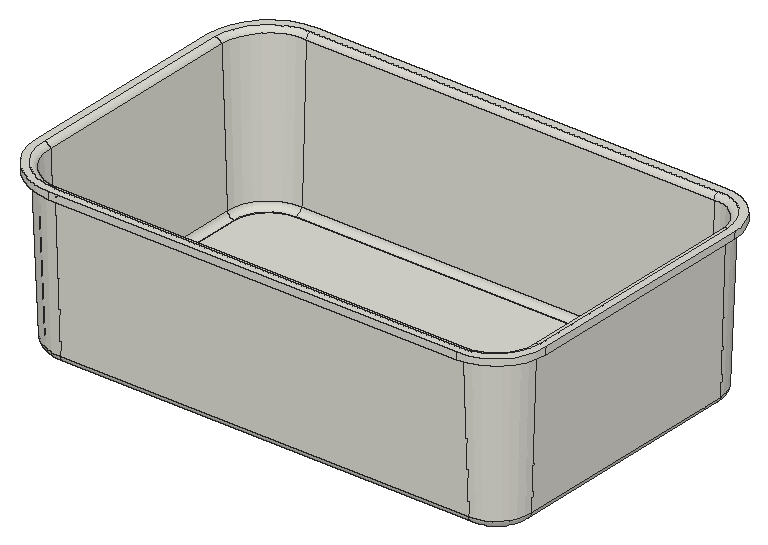
Revit family "Sink-Corian-European-Sweet-881", category Plumbing Fixtures, host Face, Revit 2015
Parameters (values of type "881")
  Width = 733 mm
  WFU = 0
  Version = "2015 - v1.0b"  # constant formula
  URL = "http://www.corian.uk/-the-complete-residential-surfaces-solutions-"
  Sink Colors Available = "Bone, Cameo White, Designer White, Glacier White, Vanilla"
  Product Page URL = "http://www.corian.uk/-kitchen-sinks-"
  Model = "Sweet 881"  # constant formula
  Manufacturer = "DuPont"  # constant formula
  Length = 474 mm
  Interior Width = 695 mm
  Interior Length = 436 mm
  HWFU = 0
  Finish = Solid Surface Sink - DuPont - Bone
  Description = "Kitchen Sink Europe Specification"  # constant formula
  Depth = 229 mm
  Default Elevation = 1219.2 mm
  Cost = 0
  CWFU = 0
Reference planes
  plane 1 "Center (Front/Back)": y = 0
  plane 2: z = 0
  plane 3 "Center (Left/Right)": x = 0
  plane 4: y = 237
  plane 5: y = -237
  plane 6: x = -366.5
  plane 7: x = 366.5
  plane 8: z = -241
  plane 9: x = -347.5
  plane 10: x = 347.5
  plane 11: y = 218
  plane 12: y = -218
  plane 13 "NAME": z = -12
Forms (mm)
  Extrusion 1, void
    sketch origin (0, 0, 0) x (1, 0, 0) y (0, 1, 0)
      loop
        line (-347.5, 151.325) -> (-347.5, -151.325)
        arc (-347.5, -151.325) -> (-327.971, -198.471) -> (-280.825, -218) r 66.675
        line (-280.825, -218) -> (296.7, -218)
        arc (296.7, -218) -> (332.621, -203.121) -> (347.5, -167.2) r 50.8
        line (347.5, -167.2) -> (347.5, 167.2)
        arc (347.5, 167.2) -> (332.621, 203.121) -> (296.7, 218) r 50.8
        line (296.7, 218) -> (-280.825, 218)
        arc (-280.825, 218) -> (-327.971, 198.471) -> (-347.5, 151.325) r 66.675
    from -241 to 0
  Sweep 2, solid, material "Solid Surface Sink - DuPont - Bone" <- "Finish"
    path origin (-322.065, -4572, -12) x (-1, 0, 0) y (0, -1, 0)
      loop
        arc (-41.24, -4790) -> (5.907, -4770.471) -> (25.435, -4723.325) r 66.675
        line (25.435, -4723.325) -> (25.435, -4420.675)
        arc (25.435, -4420.675) -> (5.907, -4373.529) -> (-41.24, -4354) r 66.675
        line (-41.24, -4354) -> (-618.765, -4354)
        arc (-618.765, -4354) -> (-654.686, -4368.879) -> (-669.565, -4404.8) r 50.8
        line (-669.565, -4404.8) -> (-669.565, -4739.2)
        arc (-669.565, -4739.2) -> (-654.686, -4775.121) -> (-618.765, -4790) r 50.8
        line (-618.765, -4790) -> (-41.24, -4790)
    profile origin (7.937, 218, -12) x (0, 1, 0) y (0, 0, 1)
      loop
        arc (8.716, 0) -> (3.395, -1.678) -> (0, -6.106) r 9.274
        line (0, -6.106) -> (-8.023, -214.716)
        arc (-8.023, -214.716) -> (-10.948, -221.088) -> (-17.517, -223.536) r 9.177
        line (-17.517, -223.536) -> (-17.517, -229)
        arc (-17.517, -229) -> (-7.135, -226.342) -> (-1.125, -217.47) r 15.114
        line (-1.125, -217.47) -> (6.668, -14.856)
        arc (6.668, -14.856) -> (8.412, -10.899) -> (12.419, -9.274) r 5.753
        line (12.419, -9.274) -> (19, -9.274) -> (19, 0) -> (8.716, 0)
  Extrusion 3, void, detail levels medium+fine
    sketch origin (-322.065, -4572, -12) x (0, -1, 0) y (-1, 0, 0)
      loop
        circle (-4572, -322.065) r 45
    from 223.536 to 229
  Extrusion 4, solid, material "Solid Surface Sink - DuPont - Bone" <- "Finish"
    sketch origin (-322.065, -4572, -12) x (-1, 0, 0) y (0, -1, 0)
      loop
        line (7.918, -4723.325) -> (7.918, -4420.675)
        arc (7.918, -4420.675) -> (-6.48, -4385.915) -> (-41.24, -4371.517) r 49.158
        line (-41.24, -4371.517) -> (-625.115, -4371.517)
        arc (-625.115, -4371.517) -> (-644.159, -4379.405) -> (-652.048, -4398.45) r 26.933
        line (-652.048, -4398.45) -> (-652.048, -4739.2)
        arc (-652.048, -4739.2) -> (-642.299, -4762.735) -> (-618.765, -4772.483) r 33.283
        line (-618.765, -4772.483) -> (-41.24, -4772.483)
        arc (-41.24, -4772.483) -> (-6.48, -4758.085) -> (7.918, -4723.325) r 49.158
    from -229 to -223.536
Cuts and joins
  Extrusion 3 cuts Sweep 2
  Extrusion 3 cuts Extrusion 4
Lines and regions (mm)
  Masking region 1
    outline origin (-322.065, -4572, -12) x (-1, 0, 0) y (0, -1, 0)
      loop
        line (25.435, -4723.325) -> (25.435, -4420.675)
        arc (25.435, -4420.675) -> (5.907, -4373.529) -> (-41.24, -4354) r 66.675
        line (-41.24, -4354) -> (-618.765, -4354)
        arc (-618.765, -4354) -> (-654.686, -4368.879) -> (-669.565, -4404.8) r 50.8
        line (-669.565, -4404.8) -> (-669.565, -4739.2)
        arc (-669.565, -4739.2) -> (-654.686, -4775.121) -> (-618.765, -4790) r 50.8
        line (-618.765, -4790) -> (-41.24, -4790)
        arc (-41.24, -4790) -> (5.907, -4770.471) -> (25.435, -4723.325) r 66.675
  Masking region 2, detail levels medium+fine
    outline origin (-322.065, -4572, -12) x (-1, 0, 0) y (0, -1, 0)
      loop
        circle (-322.065, -4572) r 45
  Masking region 3, detail levels fine
    outline origin (-322.065, -4572, -12) x (-1, 0, 0) y (0, -1, 0)
      loop
        line (-618.765, -4772.483) -> (-41.24, -4772.483)
        arc (-41.24, -4772.483) -> (-6.48, -4758.085) -> (7.918, -4723.325) r 49.158
        line (7.918, -4723.325) -> (7.918, -4420.675)
        arc (7.918, -4420.675) -> (-6.48, -4385.915) -> (-41.24, -4371.517) r 49.158
        line (-41.24, -4371.517) -> (-625.115, -4371.517)
        arc (-625.115, -4371.517) -> (-644.159, -4379.405) -> (-652.048, -4398.45) r 26.933
        line (-652.048, -4398.45) -> (-652.048, -4739.2)
        arc (-652.048, -4739.2) -> (-642.299, -4762.735) -> (-618.765, -4772.483) r 33.283
Dimensions and locks
  equal spacing: plane 4, plane 1 "Center (Front/Back)", plane 5
  equal spacing: plane 6, plane 3 "Center (Left/Right)", plane 7
  "Length": plane 4 to plane 5
  "Width": plane 6 to plane 7
  equal spacing: plane 9, plane 3 "Center (Left/Right)", plane 10
  equal spacing: plane 11, plane 1 "Center (Front/Back)", plane 12
  "Interior Width": plane 9 to plane 10
  "Interior Length": plane 11 to plane 12
  locked: plane 2 to plane 13 "NAME" at 12
  "Depth": plane 13 "NAME" to plane 8
  plane 3 "Center (Left/Right)" to plane 7 = 366.5 mm
  angle plane 4 to Sweep 2 sketch curve = 2.2026°
  angle profile plane to Sweep 2 sketch curve = 2.2026°
  aligned and locked: plane 2 to host face
  aligned and locked: level to host face
  aligned and locked: Extrusion 1 to plane 8
  aligned and locked: level to Extrusion 1
  aligned and locked: plane 13 "NAME" to Sweep 2 sketch curve  (x2)
  aligned and locked: Extrusion 3 to plane 8
  aligned and locked: Sweep 2 sketch curve to plane 11
  aligned and locked: plane 12 to Sweep 2 sketch curve
  aligned and locked: plane 9 to Sweep 2 sketch curve
  aligned and locked: Sweep 2 sketch curve to plane 10
  aligned and locked: Extrusion 4 sketch curve to cut or joined group of Sweep 2, Extrusion 3  (x3)
  aligned and locked: Extrusion 4 to plane 8
  aligned and locked: plane 3 "Center (Left/Right)" to Extrusion 3 sketch curve
  aligned and locked: plane 1 "Center (Front/Back)" to Extrusion 3 sketch curve
  aligned and locked: Extrusion 4 to cut or joined group of Sweep 2, Extrusion 3
  aligned and locked: Extrusion 3 to Sweep 2
  aligned and locked: plane 8 to Sweep 2 sketch curve
  aligned and locked: plane 4 to Sweep 2 sketch curve
  aligned and locked: plane 11 to Sweep 2 sketch curve
  aligned and locked: Masking region 1 sketch curve to plane 9
  aligned and locked: Masking region 1 sketch curve to plane 11
  aligned and locked: Masking region 1 sketch curve to plane 10
  aligned and locked: plane 12 to Masking region 1 sketch curve
  aligned and locked: Masking region 3 sketch curve to cut or joined group of Extrusion 3, Extrusion 4  (x4)
  aligned and locked: Extrusion 1 sketch curve to plane 12
  aligned and locked: plane 10 to Extrusion 1 sketch curve
  aligned and locked: plane 11 to Extrusion 1 sketch curve
  aligned and locked: Extrusion 1 sketch curve to plane 9
Automatic sketch dimensions
  host sketch curve to host sketch curve = 2438.4 mm  (x2)
  Sweep 2 sketch curve to plane 10 = 50.8 mm  (x2)
  plane 9 to Sweep 2 sketch curve = 66.675 mm  (x2)
  profile plane to Sweep 2 sketch curve = 1.125 mm
  Sweep 2 sketch curve to Sweep 2 sketch curve = 6.899 mm
  Sweep 2 sketch curve to Sweep 2 sketch curve = 1.364 mm
  Sweep 2 sketch curve to Sweep 2 sketch curve = 0.323 mm
  Sweep 2 sketch curve to profile plane = 6.668 mm
  Sweep 2 sketch curve to plane 13 "NAME" = 6.106 mm
  Sweep 2 sketch curve to Sweep 2 sketch curve = 0 mm
  Sweep 2 sketch curve to Sweep 2 sketch curve = 5.582 mm
  Sweep 2 sketch curve to Sweep 2 sketch curve = 0.353 mm
  Sweep 2 sketch curve to Sweep 2 sketch curve = 0.383 mm
  Extrusion 4 sketch curve to Extrusion 4 sketch curve = 26.933 mm
  Sweep 2 sketch curve to Sweep 2 sketch curve = 7.807 mm
  Sweep 2 sketch curve to Sweep 2 sketch curve = 6.581 mm
  plane 1 "Center (Front/Back)" to Masking region 2 sketch curve = 0 mm
  Masking region 2 sketch curve to plane 3 "Center (Left/Right)" = 0 mm
  plane 9 to Extrusion 1 sketch curve = 66.675 mm
  plane 12 to Extrusion 1 sketch curve = 66.675 mm
  Extrusion 1 sketch curve to plane 10 = 50.8 mm  (x2)
  Masking region 1 sketch curve to plane 10 = 50.8 mm  (x2)
  plane 9 to Masking region 1 sketch curve = 66.675 mm  (x2)
  radius of Extrusion 3 sketch curve = 45 mm
  radius of Masking region 2 sketch curve = 45 mm
Connectors
  piping at (0, 0, -241), diameter 88.9
    settings: on cut or joined group of Extrusion 3, Extrusion 4, index 1, connector inside diameter 24", connector length 0 mm, flow factor 0, pipe flow 0 GPM, pressure drop 0.00 psi, fitting loss kfactor 0, connector angle 0.00°, fixture units 0, engagement length 0 mm, angle of deflection 0.00°, flow configuration 0, flow direction 2, fitting loss method 0, system type 16, joint type 0, gender type 0, connector reference index -1, connector utility 0, adjustable connector no, is connector primary yes, connector description "Drain"
